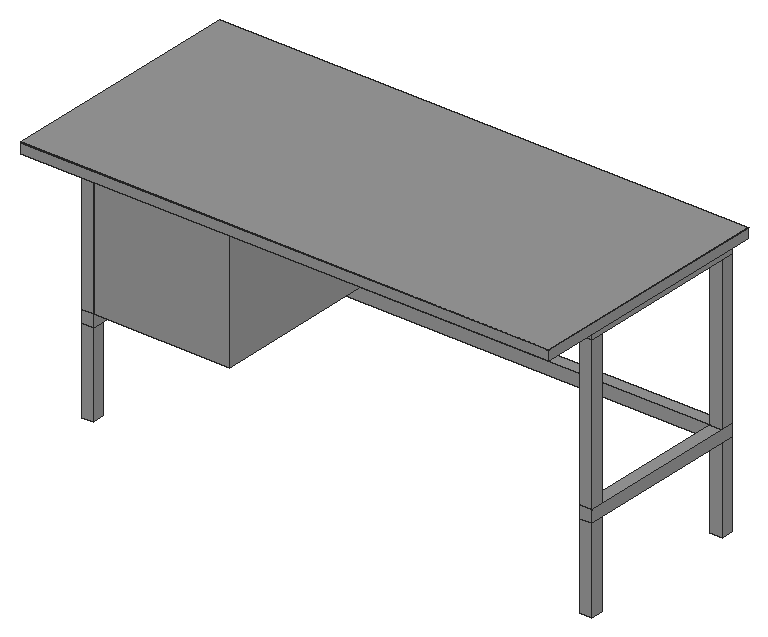
Revit family "SmallBench", category Furniture, Revit 2025
Family settings
  OmniClass Number = 23.40.20.00
  OmniClass Title = General Furniture and Specialties
  Work Plane-Based = No
  Enable Cutting in Views = No
  Always vertical = Yes
  Cut with Voids When Loaded = No
  Render Appearance Source = Family Geometry
  Shared = No
  Room Calculation Point = No
Parameters
  Default Elevation = 0 mm
Reference planes
  plane 1 "CentreLong": y = 0
  plane 2: z = 0
  plane 3 "LeftEdge": x = 0
  plane 4 "FrontEdge": y = -825
  plane 5 "RightEdge": x = 1750
  plane 6 "DrawerFront": y = -610
  plane 7 "LeftSupport": x = 50
  plane 8 "BenchTop": z = 900
  plane 9 "BenchBottom": z = 865
  plane 10 "RightSupport": x = 1700
  plane 11 "BackSupport": y = -50
  plane 12 "DrawerInner": x = 520
Forms (mm)
  Extrusion 1, solid, material "Birch - Glossy"
    sketch origin (0, 0, 0) x (1, 0, 0) y (0, 1, 0)
      loop
        line (0, 0) -> (0, -825) -> (1750, -825) -> (1750, 0) -> (0, 0)
    from 865 to 898
  Extrusion 2, solid, material "Steel, Paint Finish, Dark Gray, Matte"
    sketch origin (1780, -548.097, 0) x (1, 0, 0) y (0, 1, 0)
      loop
        line (-100, 518.097) -> (-100, 478.097) -> (-60, 478.097) -> (-60, 518.097) -> (-100, 518.097)
    from 0 to 825
  Extrusion 3, solid, material "Steel, Paint Finish, Dark Gray, Matte"
    sketch origin (1780, -1115, 0) x (1, 0, 0) y (0, 1, 0)
      loop
        line (-100, 545) -> (-100, 505) -> (-60, 505) -> (-60, 545) -> (-100, 545)
    from 0 to 825
  Extrusion 4, solid, material "Steel, Paint Finish, Dark Gray, Matte"
    sketch origin (-700, -140, 0) x (1, 0, 0) y (0, 1, 0)
      loop
        line (2380, 110) -> (2380, -470) -> (2420, -470) -> (2420, 110) -> (2400, 110) -> (2380, 110)
    from 825 to 865
  Extrusion 5, solid, material "Steel, Paint Finish, Dark Gray, Matte"
    sketch origin (-700, -180, 0) x (1, 0, 0) y (0, 1, 0)
      loop
        line (2380, 150) -> (2380, -430) -> (2420, -430) -> (2420, 150) -> (2380, 150)
    from 280 to 320
  Extrusion 6, solid, material "Birch - Glossy"
    sketch origin (0, 0, 0) x (1, 0, 0) y (0, 1, 0)
      loop
        line (70, 0) -> (70, -610) -> (520, -610) -> (520, 0) -> (70, 0)
    from 320 to 865
  Extrusion 7, solid, not visible
    sketch origin (1780, -548.097, 0) x (1, 0, 0) y (0, 1, 0)
      loop
        line (-100, 518.097) -> (-100, 478.097) -> (-60, 478.097) -> (-60, 518.097) -> (-100, 518.097)
    from 0 to 825
  Extrusion 8, solid, not visible
    sketch origin (1780, -1115, 0) x (1, 0, 0) y (0, 1, 0)
      loop
        line (-100, 545) -> (-100, 505) -> (-60, 505) -> (-60, 545) -> (-100, 545)
    from 0 to 825
  Extrusion 9, solid, not visible
    sketch origin (-700, -140, 0) x (1, 0, 0) y (0, 1, 0)
      loop
        line (2380, 110) -> (2380, -470) -> (2420, -470) -> (2420, 110) -> (2400, 110) -> (2380, 110)
    from 825 to 865
  Extrusion 10, solid, not visible
    sketch origin (-700, -180, 0) x (1, 0, 0) y (0, 1, 0)
      loop
        line (2380, 150) -> (2380, -430) -> (2420, -430) -> (2420, 150) -> (2380, 150)
    from 280 to 320
  Extrusion 11, solid, material "Steel, Paint Finish, Dark Gray, Matte"
    sketch origin (130, -548.097, 0) x (1, 0, 0) y (0, 1, 0)
      loop
        line (-100, 518.097) -> (-100, 478.097) -> (-60, 478.097) -> (-60, 518.097) -> (-100, 518.097)
    from 0 to 825
  Extrusion 12, solid, material "Steel, Paint Finish, Dark Gray, Matte"
    sketch origin (130, -1115, 0) x (1, 0, 0) y (0, 1, 0)
      loop
        line (-100, 545) -> (-100, 505) -> (-60, 505) -> (-60, 545) -> (-100, 545)
    from 0 to 825
  Extrusion 13, solid, material "Steel, Paint Finish, Dark Gray, Matte"
    sketch origin (-2350, -140, 0) x (1, 0, 0) y (0, 1, 0)
      loop
        line (2380, 110) -> (2380, -470) -> (2420, -470) -> (2420, 110) -> (2400, 110) -> (2380, 110)
    from 825 to 865
  Extrusion 14, solid, material "Steel, Paint Finish, Dark Gray, Matte"
    sketch origin (-2350, -180, 0) x (1, 0, 0) y (0, 1, 0)
      loop
        line (2380, 150) -> (2380, -430) -> (2420, -430) -> (2420, 150) -> (2380, 150)
    from 280 to 320
  Extrusion 15, solid, material "Steel, Paint Finish, Dark Gray, Matte"
    sketch origin (0, 0, -200) x (0, 1, 0) y (0, 0, 1)
      loop
        line (-30, 520) -> (-70, 520) -> (-70, 480) -> (-30, 480) -> (-30, 520)
    from 70 to 1680
  Extrusion 16, solid, material "Steel, Paint Finish, Dark Gray, Matte"
    sketch origin (0, 0, 465) x (0, 1, 0) y (0, 0, 1)
      loop
        line (-30, 400) -> (-70, 400) -> (-70, 360) -> (-30, 360) -> (-30, 400)
    from 70 to 1680
  Extrusion 17, solid, material "Asphalt, Pavement"
    sketch origin (0, 0, 0) x (1, 0, 0) y (0, 1, 0)
      loop
        line (0, 0) -> (0, -825) -> (1750, -825) -> (1750, 0) -> (0, 0)
    from 898 to 900
Dimensions and locks
  plane 3 "LeftEdge" to plane 5 "RightEdge" = 1750 mm
  plane 12 "DrawerInner" to Extrusion 3 = 1160 mm
  plane 8 "BenchTop" to level = 900 mm
  plane 5 "RightEdge" to plane 3 "LeftEdge" = 1750 mm
  Extrusion 6 to Extrusion 12 = 450 mm
  Extrusion 13 to Extrusion 6 = 450 mm
  Extrusion 6 to Extrusion 4 = 1160 mm
  aligned and locked: level to plane 2
